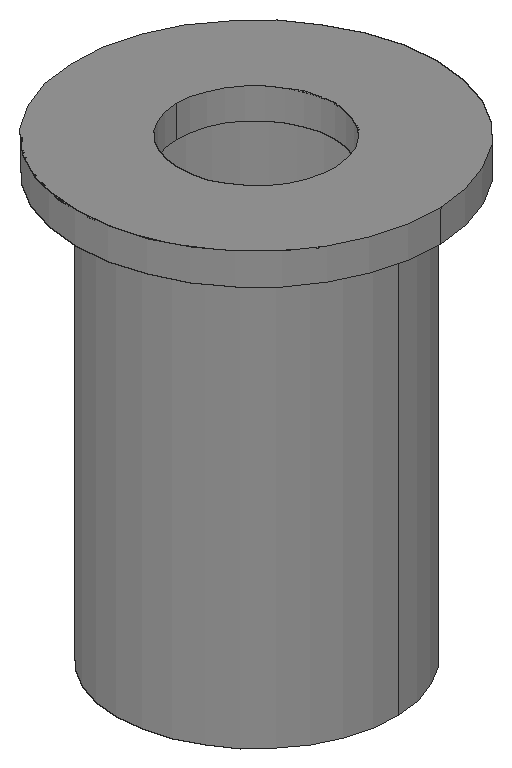
Revit family "A238", category Site, Revit 2025
Family settings
  Round Connector Dimension = Use Diameter
  Part Type = Normal
  Work Plane-Based = No
  Always vertical = Yes
  Cut with Voids When Loaded = No
  Shared = No
Parameters (values of type "Postech-Vistech A238")
  L top = 0' - 0 7/32"
  L sleeve = -0' - 3"
  Dia int top = 0' - 1.1"
  Dia int sleeve = 0' - 1 73/128"
  Dia ext top = 0' - 2 17/32"
  Dia ext sleeve = 0' - 1 243/256"
Reference planes (in)
  plane 1 "Center (Front/Back)": y = 0
  plane 2: z = 0
  plane 3 "Center (Left/Right)": x = 0
Forms (in)
  Extrusion 1, solid, material "Galvanized"
    sketch origin (0, 0, 0) x (1, 0, 0) y (0, 1, 0)
      loop
        circle (0, 0) r 0.97461
      loop
        circle (0, 0) r 0.78516
    from 0 to -3 <- "L sleeve"
  Extrusion 2, solid, material "Galvanized"
    sketch origin (0, 0, 0) x (1, 0, 0) y (0, 1, 0)
      loop
        circle (0, 0) r 1.26563
      loop
        circle (0, 0) r 0.55
    from 0 to 0.21875 <- "L top"
  Sweep 3, solid, material "Galvanized"
    path in 3D
      loop
        arc (0.97461, 0, 0) -> (0, -0.97461, 0) -> (-0.97461, 0, 0) r 0.97461
        arc (-0.97461, 0, 0) -> (0, 0.97461, 0) -> (0.97461, 0, 0) r 0.97461
    profile origin (0, 0.97461, 0) x (0, 1, 0) y (0, 0, 1)
      loop
        arc (0, -0.12009) -> (0.03517, -0.03517) -> (0.12009, 0) r 0.12009
        line (0.12009, 0) -> (0, 0) -> (0, -0.12009)
Lines and regions (in)
  sketch lines
    curve 1: arc (-0.97461, 0, 0) -> (0, 0.97461, 0) -> (0.97461, 0, 0) r 0.97461
    curve 2: arc (0.97461, 0, 0) -> (0, -0.97461, 0) -> (-0.97461, 0, 0) r 0.97461
Dimensions and locks (in)
  "Dia int sleeve": diameter of Extrusion 1 sketch curve
  "Dia ext sleeve": diameter of Extrusion 1 sketch curve
  "Dia int top": diameter of Extrusion 2 sketch curve
  "Dia ext top": diameter of Extrusion 2 sketch curve
Automatic sketch dimensions
  Extrusion 1 sketch curve to Extrusion 1 sketch curve = 0' - 0"  (x2)
  plane 1 "Center (Front/Back)" to Extrusion 1 sketch curve = 0' - 0"
  Extrusion 1 sketch curve to plane 3 "Center (Left/Right)" = 0' - 0"
  Extrusion 2 sketch curve to Extrusion 2 sketch curve = 0' - 0"  (x4)
  Sweep 3 sketch curve to profile plane = 0' - 0"  (x2)
  Sweep 3 sketch curve to profile plane = 0' - 0.12009"
